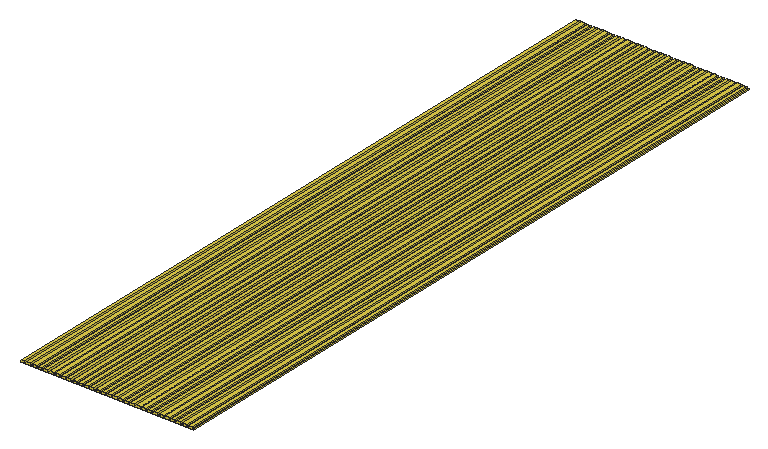
Revit family "111213072021100", category Modelos genéricos, Revit 2018
Family settings
  Puede alojar armadura = No
  Cota de conector redondo = Diámetro de uso
  Tipo de pieza = Normal
  Se basa en plano de trabajo = No
  Siempre vertical = No
  Corte con vacíos al cargar = No
  Compartido = No
  Punto de cálculo de habitación = No
Parameters (values of type "DESCANSO TITAN PVC 300MM AMARILLO TIRA 1.2MT")
  Ventajas = "Autoextinguible"
  Uso = "Es un producto que se instala en los descansos de las escaleras, es una solución\r\nfabricada en PVC, ideal para zonas de medio y alto trafico, con estrías antideslizantes.\r\nIdeal para: Edificios Públicos y Privados, Colegios, Universidades, Centros comerciales,\r\nAeropuertos, Hoteles, Edificios Habitacionales, entre otros. \r\nantideslizantes. Ideal para: Edificios Públicos y Privados, Colegios, Universidades, Centros\r\ncomerciales, Aeropuertos, Hoteles, Edificios Habitacionales, entre otros."
  Unidad = "Tiras de 1.20 Mts y 3.00 Mts."
  URL = "https://www.empresascnp.cl/"
  Num SKUs = "111213072021100"
  Nombre SKU = "DESCANSO TITAN PVC 300MM AMARILLO TIRA 1.2MT"
  Modelo = "DESCANSO TITAN PVC 300MM"
  Material = PVC flexible amarillo
  Url Ficha tecnica = "https://empresascnp.cl/wp-content/uploads//pdf/ficha-tecnica-descanso-titan-pvc-300mm-amarillo-tira-1-2mt.pdf"
  Largo = 1200.00 mm
  Espesor = 4.00 mm
  Empresa = "CNP SPA."
  Dureza = "80 shore A"
  Dimension = 300.00 mm
  Descripción = "Descanso escalera Titan 30x1.20"
  Contacto = "info@empresascnp.cl"
  Color = "AMARILLO"
  Aplicacion = "Escaleras"
  Alto = 4.00 mm
Reference planes
  plane 1 "Center F/B": y = 0
  plane 2: z = 0
  plane 3 "Center L/R": x = 0
  plane 4: z = -4
  plane 5 "2": y = 600
  plane 6 "3": y = -600
  plane 7: x = 300
  plane 8: z = -2
  plane 9 "4": x = 2
Forms (mm)
  Extrusion 1, solid, material "PVC flexible amarillo" <- "Material"
    sketch origin (0, 0, 0) x (1, 0, 0) y (0, 0, 1)
      loop
        line (0, 46) -> (0, 44) -> (300, 44) -> (300, 46) -> (298, 46) -> (298, 48) -> (292, 48) -> (292, 46) -> (288, 46) -> (288, 48) -> (282, 48) -> (282, 46) -> (278, 46) -> (278, 48) -> (272, 48) -> (272, 46) -> (268, 46) -> (268, 48) -> (262, 48) -> (262, 46) -> (258, 46) -> (258, 48) -> (252, 48) -> (252, 46) -> (248, 46) -> (248, 48) -> (242, 48) -> (242, 46) -> (238, 46) -> (238, 48) -> (232, 48) -> (232, 46) -> (228, 46) -> (228, 48) -> (222, 48) -> (222, 46) -> (218, 46) -> (218, 48) -> (212, 48) -> (212, 46) -> (208, 46) -> (208, 48) -> (202, 48) -> (202, 46) -> (198, 46) -> (198, 48) -> (192, 48) -> (192, 46) -> (188, 46) -> (188, 48) -> (182, 48) -> (182, 46) -> (178, 46) -> (178, 48) -> (172, 48) -> (172, 46) -> (168, 46) -> (168, 48) -> (162, 48) -> (162, 46) -> (158, 46) -> (158, 48) -> (152, 48) -> (152, 46) -> (148, 46) -> (148, 48) -> (142, 48) -> (142, 46) -> (138, 46) -> (138, 48) -> (132, 48) -> (132, 46) -> (128, 46) -> (128, 48) -> (122, 48) -> (122, 46) -> (118, 46) -> (118, 48) -> (112, 48) -> (112, 46) -> (108, 46) -> (108, 48) -> (102, 48) -> (102, 46) -> (98, 46) -> (98, 48) -> (92, 48) -> (92, 46) -> (88, 46) -> (88, 48) -> (82, 48) -> (82, 46) -> (78, 46) -> (78, 48) -> (72, 48) -> (72, 46) -> (68, 46) -> (68, 48) -> (62, 48) -> (62, 46) -> (58, 46) -> (58, 48) -> (52, 48) -> (52, 46) -> (48, 46) -> (48, 48) -> (42, 48) -> (42, 46) -> (38, 46) -> (38, 48) -> (32, 48) -> (32, 46) -> (28, 46) -> (28, 48) -> (22, 48) -> (22, 46) -> (18, 46) -> (18, 48) -> (12, 48) -> (12, 46) -> (8, 46) -> (8, 48) -> (2, 48) -> (2, 46) -> (0, 46)
    from -600 to 600
Dimensions and locks
  "Alto": level to plane 4
  equal spacing: plane 6 "3", plane 1 "Center F/B", plane 5 "2"
  "Largo": plane 6 "3" to plane 5 "2"
  "Dimension": plane 7 to plane 3 "Center L/R"
  aligned and locked: plane 6 "3" to Extrusion 1
  aligned and locked: Extrusion 1 to plane 5 "2"
Automatic sketch dimensions
  Extrusion 1 sketch curve to plane 4 = 50.00 mm
  Extrusion 1 sketch curve to plane 7 = 300.00 mm
  Extrusion 1 sketch curve to Extrusion 1 sketch curve = 2.00 mm  (x33)
  Extrusion 1 sketch curve to Extrusion 1 sketch curve = 6.00 mm  (x29)
  Extrusion 1 sketch curve to Extrusion 1 sketch curve = 4.00 mm  (x28)
  Extrusion 1 sketch curve to plane 7 = 232.00 mm
  Extrusion 1 sketch curve to plane 7 = 228.00 mm
  Extrusion 1 sketch curve to plane 4 = 48.00 mm
  Extrusion 1 sketch curve to Extrusion 1 sketch curve = 0.00 mm  (x29)
